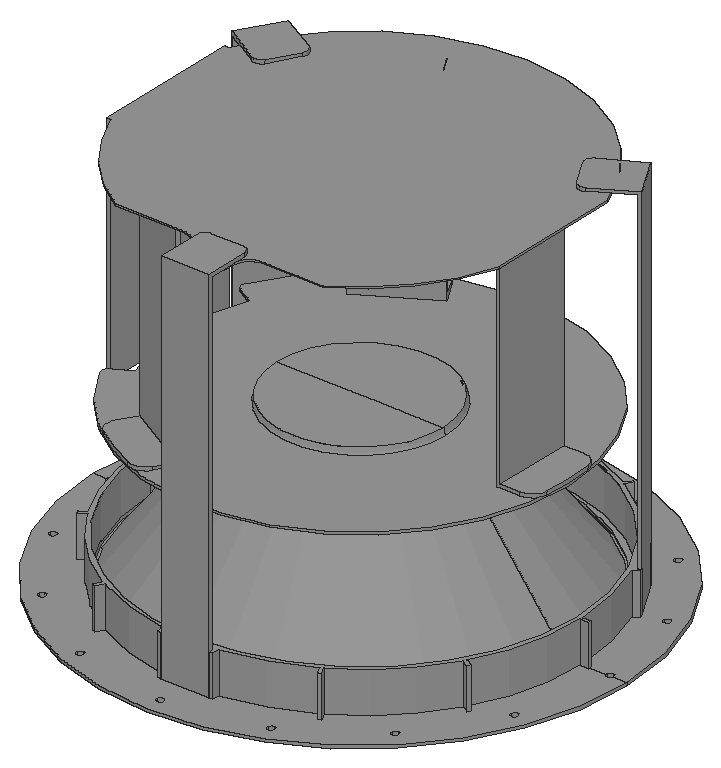
Revit family "Artemide_Tagora_Recessed_270", category Lighting Fixtures, Revit 2018
Family settings
  Round Connector Dimension = Use Diameter
  Part Type = Normal
  Work Plane-Based = Yes
  Always vertical = Yes
  Cut with Voids When Loaded = Yes
  Light Source = Yes
  Shared = No
  Room Calculation Point = No
Parameters (values of type "Tagora_Recessed_270_32°_4000K_White_M250721")
  Wattage = 34 W
  built-in parameter 1150110 = 1 (stored number, unit not read)
  Voltage = "-"
  built-in parameter 1114217 = 1 (stored number, unit not read)
  Tilt Angle = 90.00°
  built-in parameter 1150109 = 1 (stored number, unit not read)
  built-in parameter 1150134 = 12
  built-in parameter 1150113 = 1 (stored number, unit not read)
  Product Range = "Tagora"
  Photometric Web File = "M250721.IES"
  Max Height from ceiling = 0 mm
  M_Housing = Artemide_Aluminum_White
  M_Fixings = Artemide_Aluminum_Anodized
  M_Diffuser = Artemide_Glass_LightBulb
  built-in parameter 1150105 = 138.77 (stored number, unit not read)
  Lumens = 1743.86 lm
  built-in parameter 1150115 = 1 (stored number, unit not read)
  built-in parameter 1150137 = (empty or 0)
  built-in parameter 1150139 = (empty or 0)
  built-in parameter 1150112 = 1 (stored number, unit not read)
  built-in parameter 1150114 = 1 (stored number, unit not read)
  built-in parameter 1150132 = (empty or 0)
  built-in parameter 1150102 = (empty or 0)
  built-in parameter 1150107 = 4000 (stored number, unit not read)
  built-in parameter 1150138 = (empty or 0)
  built-in parameter 1150106 = 1.3877 (stored number, unit not read)
  IfcExportType = "NOT DEFINED"  # constant formula
  IfcExportAs = "IfcLightFixtureType"  # constant formula
  Weekly = "-"
  Warranty ID = "https://cloud.artemide.com/5-years-warranty"
  Upward Component  = 0
  Unified Glare Rating  = "-"
  Uniclass 2015 = "Pr_70_70_48"  # constant formula
  URL to O&M Manual = "https://www.artemide.com/contents/documenti/prodotto/tagora_incasso_270_instructions2508701.pdf"
  URL to Energy Technology List = "-"
  Trim Material = "Aluminium"
  Trim Finish = "Painted"
  Trim Colour  = "White"
  Total Power = 0
  Total Light Output  = 0
  Testing method = "-"
  Supply Phase = 0
  Suitable for Photocell Control = "-"
  Suitable for Motion Detector Control = "N"
  Suitable for Dimming  = "Y"
  Suitable Dimmer Type = "DALI"
  Standards = "-"
  Shipping Weight = 0
  Service life  = "-"
  Secondary Rated Lamp Life = 0
  Secondary Lamp Voltage = 0
  Secondary Lamp International Type Code = "-"
  Secondary Lamp Initial Lumens  = 0
  Secondary Lamp Included = "-"
  Secondary Lamp Efficacy = 0
  Secondary Lamp Colour Temperature = 0
  Secondary Lamp Colour Rendering Index = 0
  Secondary Lamp Cap = "-"
  Secondary Lamp = "-"
  Responsible Sourcing of Materials = "-"
  Responsible Extraction of Materials = "-"
  Reflector Material = "-"
  Reflector Finish = "-"
  Rated Lamp Life = 50000
  Quarterly = "-"
  Product Model Number = "M250721"
  Product Literature = "https://www.artemide.com/en/subfamily/1657780/tagora-recessed-270"
  Primary Lamp Type = "LED"
  Power Supply Kit = "-"
  Power Factor = 0
  Photocell = "-"
  Overall Width = 0
  Overall Light Output Ratio = 0
  Overall Length = 272
  Overall Height = 0
  Output Lumens Indirect light = 0
  Output Lumens Direct light = 1744
  Number of Secondary Lamps = 0
  Number of Primary Lamps = 1
  Number of Poles = 0
  Motion Sensor = "-"
  Motion Detector = "-"
  Monthly = "-"
  Minimum Operating Temperature = 0
  Maximum Operating Temperature = 0
  Material Ingredient Reporting = "-"
  Manufacturer Website = "https://www.artemide.com"
  Manufacturer = "Artemide"
  Maintenance Required: 8001-12000hrs  = "-"
  Maintenance Required: 601-1000hrs = "-"
  Maintenance Required: 4001-8000hrs  = "-"
  Maintenance Required: 301-600hrs  = "-"
  Maintenance Required: 2001-4000hrs  = "-"
  Maintenance Required: 1001-2000hrs  = "-"
  Maintenance Required: 0-300hrs  = "-"
  Luminance at 65deg Angle = 0
  Luminaire Type = "Downlight"
  Luminaire Maintenance Factor = 0
  Luminaire Cleaning Interval  = "-"
  Louvre/Lens = "-"
  Location of Manufacturer = "-"
  Light Output Pattern = "-"
  Light Fixture Mounting Type = "Recessed"
  Life Cycle Analysis = "-"
  Lamp Survival Factor = "-"
  Lamp Replacement Interval = "-"
  Lamp Included = "Y"
  Lamp Holder Material = "-"
  Lamp Cap = "LED Integrated"
  LED lifetime = 50000
  LED Maintained Colour Variation         = 0
  LED Initial Colour Variation                      = 0
  International Type Code = "-"
  Intended Market = "Unset"
  Integral Fuse or Circuit Protection  = "-"
  Integral Emergency Lighting Battery Type = "-"
  Input Lumens Indirect light = 0
  Input Lumens Direct light = 4054
  Initial Lumens = 1744
  Infills = "-"
  IP Rating = "IP20"
  IK Rating = "-"
  IES Files  = "https://www.artemide.com/product/downloadFile/1654638/ieseu/4887811"
  Housing Material = "Aluminium"
  Housing Finish  = "Painted"
  Housing Colour  = "White"
  Hazardous Area Protection Type = "-"
  Hazardous Area Category = "-"
  Gross Weight = 0
  Green Guide for Specification = "-"
  Gasket Material = "-"
  Frequency  = 0
  Fixings = "-"
  Fixing Material = "-"
  Fire Shroud = "-"
  Fire Rating Duration = 0
  Fire Rated Temperature = 0
  Fire Rated = "-"
  Features = "Any additional components/accessories included in this file are required to complete the product/configuration and must be ordered separately.Please check the catalogue/dedicated brochure for more information"
  Face Width = 0
  Face Shape = "Circular"
  Face Length = 0
  External Control Line Voltage = 0
  Expected Life = "-"
  Environmental Product Declaration = "-"
  End Caps/Transition Caps/Joints = "-"
  Emit from Circle Diameter = 130 mm
  Emit Shape Visible in Rendering = no
  Emergency light output percentage = 0
  Emergency Lighting Battery = "-"
  Emergency Charging Power       = 0
  Emergency = "N"
  Embodied Carbon  = 0
  Efficiency = 43
  built-in parameter 1150104 = 4.765 (stored number, unit not read)
  Efficacy_2 = 0
  Earth Point  = "-"
  ENEC Certification of European conformity = "N"
  Duration of Integral Emergency Lighting  = 0
  Drive Current                                          = 0
  Downward Component = 0
  Dimming Lamp Color Temperature Shift = <None>
  Diffusing screen = "-"
  Diffuser Material  = "-"
  Diffuser Finish = "-"
  Designed by = "S./R. Cornelissen"
  Default Elevation = 1219.2 mm
  Daylight Sensor = "-"
  Daily = "-"
  Cut Out Width = 292
  Cut Out Length = 24
  Current  = 0
  Control Gear Type = "-"
  Control Gear Standby Power  = 0
  Control Gear Required = "-"
  Control Gear Location = "-"
  Column = "-"
  Colour Temperature = 4000
  Colour Rendering Index = 90
  Color Filter = 16777215
  Cable Material = "-"
  CE Approval = "Y"
  Bespoke Timeframe = "-"
  Beam Angle Transverse Axis  = 0.00°
  Beam Angle Longditudinal Axis  = 0.00°
  Basis of lifetime luminaire failures        = 0
  Basis of lifetime lumen depreciation   = 0
  built-in parameter 1114218 = 1 (stored number, unit not read)
  built-in parameter 1150133 = 10 (stored number, unit not read)
  Application Environment = "Internal"
  Annually = "-"
  Ambient Temperature                             = 0
  Air Handling = "-"
  Access Clearance Top = 0
  Access Clearance Right = 0
  Access Clearance Rear = 0
  Access Clearance Left = 0
  Access Clearance Front = 0
  Access Clearance Bottom = 0
  6 Monthly = "-"
Types (16, lengths in mm): name | built-in parameter 1150134 | Photometric Web File | M_Housing | built-in parameter 1150105 | Lumens | built-in parameter 1150107 | built-in parameter 1150106 | Trim Colour  | Product Model Number | Output Lumens Direct light | Input Lumens Direct light | Initial Lumens | IES Files  | Housing Colour  | Efficiency | built-in parameter 1150104 | Colour Temperature
  Tagora_Recessed_270 _16°_ 3000K_ Orange_M250411 | (empty or 0) | "M250411.IES" | Artemide_Aluminum_Orange | 143.56 (stored number, unit not read) | 1804.04 lm | 3000 (stored number, unit not read) | 1.4356 (stored number, unit not read) | "Orange" | "M250411" | 1804 | 3798 | 1804 | "https://www.artemide.com/product/downloadFile/1652456/ieseu/4887815" | "Orange" | 47 | 4.9294 (stored number, unit not read) | 3000
  Tagora_Recessed_270_32°_3000K_Orange_M250611 | (empty or 0) | "M250611.IES" | Artemide_Aluminum_Orange | 130.17 (stored number, unit not read) | 1635.74 lm | 3000 (stored number, unit not read) | 1.3017 (stored number, unit not read) | "Orange" | "M250611" | 1636 | 3798 | 1636 | "https://www.artemide.com/product/downloadFile/3047468/ieseu/4887648" | "Orange" | 43 | 4.4696 (stored number, unit not read) | 3000
  Tagora_Recessed_270_32°_4000K_Orange_M250711 | 12 | "M250711.IES" | Artemide_Aluminum_Orange | 138.77 (stored number, unit not read) | 1743.86 lm | 4000 (stored number, unit not read) | 1.3877 (stored number, unit not read) | "Orange" | "M250711" | 1744 | 4054 | 1744 | "https://www.artemide.com/product/downloadFile/1654484/ieseu/4887737" | "Orange" | 43 | 4.765 (stored number, unit not read) | 4000
  Tagora_Recessed_270 _16°_ 3000K_ Blue_M250431 | (empty or 0) | "M250431.IES" | Artemide_Aluminum_Blue | 143.56 (stored number, unit not read) | 1804.04 lm | 3000 (stored number, unit not read) | 1.4356 (stored number, unit not read) | "Blue" | "M250431" | 1804 | 3798 | 1804 | "https://www.artemide.com/product/downloadFile/2508544/ieseu/4887901" | "Blue" | 47 | 4.9294 (stored number, unit not read) | 3000
  Tagora_Recessed_270 _16°_ 4000K_ Blue_M250531 | 12 | "M250531.IES" | Artemide_Aluminum_Blue | 153.27 (stored number, unit not read) | 1926.1 lm | 4000 (stored number, unit not read) | 1.5327 (stored number, unit not read) | "Blue" | "M250531" | 1926 | 4054 | 1926 | "https://www.artemide.com/product/downloadFile/2509390/ieseu/4887710" | "Blue" | 48 | 5.263 (stored number, unit not read) | 4000
  Tagora_Recessed_270_32°_3000K_Blue_M250631 | (empty or 0) | "M250631.IES" | Artemide_Aluminum_Blue | 130.17 (stored number, unit not read) | 1635.74 lm | 3000 (stored number, unit not read) | 1.3017 (stored number, unit not read) | "Blue" | "M250631" | 1636 | 3798 | 1636 | "https://www.artemide.com/product/downloadFile/2509618/ieseu/4887617" | "Blue" | 43 | 4.4696 (stored number, unit not read) | 3000
  Tagora_Recessed_270_32°_4000K_Blue_M250731 | 12 | "M250731.IES" | Artemide_Aluminum_Blue | 138.77 (stored number, unit not read) | 1743.86 lm | 4000 (stored number, unit not read) | 1.3877 (stored number, unit not read) | "Blue" | "M250731" | 1744 | 4054 | 1744 | "https://www.artemide.com/product/downloadFile/2509990/ieseu/4887896" | "Blue" | 43 | 4.765 (stored number, unit not read) | 4000
  Tagora_Recessed_270 _16°_ 3000K_Green_M250441 | (empty or 0) | "M250441.IES" | Artemide_Aluminum_Green | 143.56 (stored number, unit not read) | 1804.04 lm | 3000 (stored number, unit not read) | 1.4356 (stored number, unit not read) | "Green" | "M250441" | 1804 | 3798 | 1804 | "https://www.artemide.com/product/downloadFile/2506727/ieseu/4887980" | "Green" | 47 | 4.9294 (stored number, unit not read) | 3000
  Tagora_Recessed_270 _16°_ 4000K_ Green_M250541 | 12 | "M250541.IES" | Artemide_Aluminum_Green | 153.27 (stored number, unit not read) | 1926.1 lm | 4000 (stored number, unit not read) | 1.5327 (stored number, unit not read) | "Green" | "M250541" | 1926 | 4054 | 1926 | "https://www.artemide.com/product/downloadFile/2509216/ieseu/4887876" | "Green" | 48 | 5.263 (stored number, unit not read) | 4000
  Tagora_Recessed_270_32°_3000K_Green_M250641 | (empty or 0) | "M250641.IES" | Artemide_Aluminum_Green | 130.17 (stored number, unit not read) | 1635.74 lm | 3000 (stored number, unit not read) | 1.3017 (stored number, unit not read) | "Green" | "M250641" | 1636 | 3798 | 1636 | "https://www.artemide.com/product/downloadFile/1654170/ieseu/4887854" | "Green" | 43 | 4.4696 (stored number, unit not read) | 3000
  Tagora_Recessed_270_32°_4000K_Green_M250741 | 12 | "M250741.IES" | Artemide_Aluminum_Green | 138.77 (stored number, unit not read) | 1743.86 lm | 4000 (stored number, unit not read) | 1.3877 (stored number, unit not read) | "Green" | "M250741" | 1744 | 4054 | 1744 | "https://www.artemide.com/product/downloadFile/2509816/ieseu/4887663" | "Green" | 43 | 4.765 (stored number, unit not read) | 4000
  Tagora_Recessed_270 _16°_ 3000K_ White_M250421 | (empty or 0) | "M250421.IES" | Artemide_Aluminum_White | 143.56 (stored number, unit not read) | 1804.04 lm | 3000 (stored number, unit not read) | 1.4356 (stored number, unit not read) | "White" | "M250421" | 1804 | 3798 | 1804 | "https://www.artemide.com/product/downloadFile/1653571/ieseu/4887822" | "White" | 47 | 4.9294 (stored number, unit not read) | 3000
  Tagora_Recessed_270 _16°_ 4000K_ White_M250521 | 12 | "M250521.IES" | Artemide_Aluminum_White | 153.27 (stored number, unit not read) | 1926.1 lm | 4000 (stored number, unit not read) | 1.5327 (stored number, unit not read) | "White" | "M250521" | 1926 | 4054 | 1926 | "https://www.artemide.com/product/downloadFile/1653760/ieseu/4887798" | "White" | 48 | 5.263 (stored number, unit not read) | 4000
  Tagora_Recessed_270_32°_3000K_White_M250621 | (empty or 0) | "M250621.IES" | Artemide_Aluminum_White | 130.17 (stored number, unit not read) | 1635.74 lm | 3000 (stored number, unit not read) | 1.3017 (stored number, unit not read) | "White" | "M250621" | 1636 | 3798 | 1636 | "https://www.artemide.com/product/downloadFile/1654324/ieseu/4887836" | "White" | 43 | 4.4696 (stored number, unit not read) | 3000
  Tagora_Recessed_270_32°_4000K_White_M250721 | 12 | "M250721.IES" | Artemide_Aluminum_White | 138.77 (stored number, unit not read) | 1743.86 lm | 4000 (stored number, unit not read) | 1.3877 (stored number, unit not read) | "White" | "M250721" | 1744 | 4054 | 1744 | "https://www.artemide.com/product/downloadFile/1654638/ieseu/4887811" | "White" | 43 | 4.765 (stored number, unit not read) | 4000
  Tagora_Recessed_270 _16°_ 4000K_Orange_M250511 | 12 | "M250511.IES" | Artemide_Aluminum_Orange | 153.27 (stored number, unit not read) | 1926.1 lm | 4000 (stored number, unit not read) | 1.5327 (stored number, unit not read) | "Orange" | "M250511" | 1926 | 4054 | 1926 | "https://www.artemide.com/product/downloadFile/1653378/ieseu/4887849" | "Orange" | 48 | 5.263 (stored number, unit not read) | 4000
Reference planes
  plane 1 "Center (Front/Back)": y = 0
  plane 2: z = 0
  plane 3 "Center (Left/Right)": x = 0
  plane 4 "Bottom Internal Cone": z = 2
  plane 5 "Top Internal Cone": z = 107.721
  plane 6 "Top External Disc": z = 4
  plane 7 "Center L/T": z = 94.003
  plane 8 "Top Lamp": z = 241.501
  plane 9 "Light": z = 99.131
  plane 10 "Center L/W": z = 240.5
  plane 11 "Center L/X": z = 104
  plane 12 "Center L/Y": z = 102.5
  plane 13 "Center L/Z": z = 92.5
  plane 14 "Center L/AA": z = 30
  plane 15 "Center L/BB": z = 89.165
  plane 16 "Center L/CC": z = 243.529
  plane 17 "Center L/DD": z = 106
  plane 18 "Center L/EE": z = 238.5
Forms (mm)
  Revolve 1, solid, material "Artemide_Aluminum_White" <- "M_Housing"
    sketch origin (0, 0, 0) x (1, 0, 0) y (0, 0, 1)
      loop
        arc (-52.759, 107.721) -> (-57.678, 98.832) -> (-67.262, 95.462) r 14.281
        line (-67.262, 95.462) -> (-67.262, 94.003) -> (-61.067, 94.003)
        arc (-61.067, 94.003) -> (-54.579, 98.342) -> (-50.756, 105.148) r 16.781
        line (-50.756, 105.148) -> (0, 105.148) -> (0, 107.721) -> (-52.759, 107.721)
      axis (0, 94.003) -> (0, 107.721)
    angle from 0 to 360
  Revolve 2, solid, material "Artemide_Aluminum_White" <- "M_Housing"
    sketch origin (0, 0, 0) x (1, 0, 0) y (0, 0, 1)
      loop
        line (-74.996, 92.5) -> (-65.053, 92.5)
        arc (-65.053, 92.5) -> (-63.706, 91.661) -> (-63.866, 90.082) r 1.5
        line (-63.866, 90.082) -> (-131.996, 2) -> (-141.182, 2) -> (-141.182, 0) -> (-131.647, 0) -> (-62.679, 89.166)
        arc (-62.679, 89.166) -> (-62.359, 92.324) -> (-65.053, 94.003) r 3.001
        line (-65.053, 94.003) -> (-74.996, 94.003) -> (-74.996, 92.5)
      axis (0, 94.003) -> (0, 0)
    angle from 0 to 360
  Revolve 3, solid, material "Artemide_Glass_LightBulb" <- "M_Diffuser"
    sketch origin (0, 0, 0) x (1, 0, 0) y (0, 0, 1)
      loop
        arc (-65.053, 94.003) -> (-62.36, 92.322) -> (-62.68, 89.165) r 3.002
        line (-62.68, 89.165) -> (0, 89.165) -> (0, 94.003) -> (-65.053, 94.003)
      axis (0, 94.003) -> (0, 89.165)
    angle from 0 to 360
  Revolve 4, solid, material "Artemide_Aluminum_Anodized" <- "M_Fixings"
    sketch origin (0, 0, 0) x (1, 0, 0) y (0, 0, 1)
      loop
        line (-133.496, 2) -> (-133.496, 4) -> (-168.746, 4) -> (-168.746, 2) -> (-133.496, 2)
      axis (0, 4) -> (0, 2)
    angle from 0 to 360
  Extrusion 5, void
    sketch origin (0, 0, 0) x (1, 0, 0) y (0, 1, 0)
      loop
        circle (-158, 0) r 2.25
      loop
        circle (-145.973, 60.464) r 2.25
      loop
        circle (-111.723, 111.723) r 2.25
      loop
        circle (-60.464, 145.973) r 2.25
      loop
        circle (0, 158) r 2.25
      loop
        circle (60.464, 145.973) r 2.25
      loop
        circle (111.723, 111.723) r 2.25
      loop
        circle (145.973, 60.464) r 2.25
      loop
        circle (158, 0) r 2.25
      loop
        circle (145.973, -60.464) r 2.25
      loop
        circle (111.723, -111.723) r 2.25
      loop
        circle (60.464, -145.973) r 2.25
      loop
        circle (0, -158) r 2.25
      loop
        circle (-60.464, -145.973) r 2.25
      loop
        circle (-111.723, -111.723) r 2.25
      loop
        circle (-145.973, -60.464) r 2.25
    from 0 to 30
  Extrusion 6, solid, material "Artemide_Aluminum_Anodized" <- "M_Fixings"
    sketch origin (0, 0, 0) x (1, 0, 0) y (0, 1, 0)
      loop
        arc (-110.873, 82.964) -> (-118.865, 69.969) -> (-126.123, 56.55) r 274.78
        line (-126.123, 56.55) -> (-128.01, 57.639)
        arc (-128.01, 57.639) -> (-128.483, 56.556) -> (-128.947, 55.468) r 142
        line (-128.947, 55.468) -> (-125.217, 53.315)
        arc (-125.217, 53.315) -> (-133.064, 27.803) -> (-135.844, 1.257) r 137.727
        line (-135.844, 1.257) -> (-141.12, 1.257) -> (-141.12, -0.743) -> (-135.844, -0.743)
        arc (-135.844, -0.743) -> (-131.154, -35.39) -> (-117.892, -67.739) r 137.727
        line (-117.892, -67.739) -> (-122.462, -70.377) -> (-121.462, -72.109) -> (-116.892, -69.471)
        arc (-116.892, -69.471) -> (-95.508, -97.131) -> (-67.848, -118.515) r 137.727
        line (-67.848, -118.515) -> (-70.486, -123.085) -> (-68.754, -124.085) -> (-66.116, -119.515)
        arc (-66.116, -119.515) -> (-41.737, -130.381) -> (-15.719, -136.341) r 137.727
        line (-15.719, -136.341) -> (-15.719, -140.648)
        arc (-15.719, -140.648) -> (-14.545, -140.79) -> (-13.37, -140.922) r 142
        line (-13.37, -140.922) -> (-13.37, -138.743)
        arc (-13.37, -138.743) -> (1.88, -139.144) -> (17.13, -138.743) r 289.958
        line (17.13, -138.743) -> (17.13, -140.922)
        arc (17.13, -140.922) -> (18.305, -140.79) -> (19.479, -140.648) r 142
        line (19.479, -140.648) -> (19.479, -136.341)
        arc (19.479, -136.341) -> (45.496, -130.381) -> (69.875, -119.515) r 137.727
        line (69.875, -119.515) -> (72.514, -124.085) -> (74.246, -123.085) -> (71.607, -118.515)
        arc (71.607, -118.515) -> (99.267, -97.131) -> (120.652, -69.471) r 137.727
        line (120.652, -69.471) -> (125.221, -72.109) -> (126.221, -70.377) -> (121.652, -67.739)
        arc (121.652, -67.739) -> (134.914, -35.39) -> (139.603, -0.743) r 137.727
        line (139.603, -0.743) -> (144.88, -0.743) -> (144.88, 1.257) -> (139.603, 1.257)
        arc (139.603, 1.257) -> (136.824, 27.803) -> (128.977, 53.315) r 137.727
        line (128.977, 53.315) -> (132.707, 55.468)
        arc (132.707, 55.468) -> (132.242, 56.556) -> (131.769, 57.639) r 142
        line (131.769, 57.639) -> (129.882, 56.55)
        arc (129.882, 56.55) -> (122.624, 69.969) -> (114.632, 82.964) r 274.78
        line (114.632, 82.964) -> (116.519, 84.053)
        arc (116.519, 84.053) -> (115.817, 85.005) -> (115.108, 85.951) r 142
        line (115.108, 85.951) -> (111.377, 83.797)
        arc (111.377, 83.797) -> (93.207, 103.349) -> (71.607, 119.029) r 137.727
        line (71.607, 119.029) -> (74.246, 123.598) -> (72.514, 124.598) -> (69.875, 120.029)
        arc (69.875, 120.029) -> (37.526, 133.291) -> (2.88, 137.98) r 137.727
        line (2.88, 137.98) -> (2.88, 143.257) -> (0.88, 143.257) -> (0.88, 137.98)
        arc (0.88, 137.98) -> (-33.767, 133.291) -> (-66.116, 120.029) r 137.727
        line (-66.116, 120.029) -> (-68.754, 124.598) -> (-70.486, 123.598) -> (-67.848, 119.029)
        arc (-67.848, 119.029) -> (-89.448, 103.349) -> (-107.618, 83.797) r 137.727
        line (-107.618, 83.797) -> (-111.348, 85.951)
        arc (-111.348, 85.951) -> (-112.058, 85.005) -> (-112.76, 84.053) r 142
        line (-112.76, 84.053) -> (-110.873, 82.964)
      loop
        circle (1.88, 0.257) r 135.353
    from 4 to 30
  Extrusion 7, solid, material "Artemide_Aluminum_Anodized" <- "M_Fixings"
    sketch origin (0, 0, 0) x (1, 0, 0) y (0, 1, 0)
      loop
        line (-112.73, 83.747) -> (-127.73, 57.766) -> (-126.01, 56.773)
        arc (-126.01, 56.773) -> (-118.865, 69.969) -> (-111.01, 82.754) r 274.78
        line (-111.01, 82.754) -> (-112.73, 83.747)
      loop
        line (16.88, -140.743) -> (16.88, -138.757)
        arc (16.88, -138.757) -> (1.88, -139.167) -> (-13.12, -138.757) r 274.78
        line (-13.12, -138.757) -> (-13.12, -140.743) -> (16.88, -140.743)
      loop
        line (116.489, 83.747) -> (114.769, 82.754)
        arc (114.769, 82.754) -> (122.624, 69.969) -> (129.769, 56.773) r 274.78
        line (129.769, 56.773) -> (131.489, 57.766) -> (116.489, 83.747)
    from 2 to 241.501
  Extrusion 8, solid, material "Artemide_Aluminum_Anodized" <- "M_Fixings"
    sketch origin (0, 0, 0) x (1, 0, 0) y (0, 1, 0)
      loop
        arc (-118.37, -57.615) -> (131.647, 0) -> (-118.37, 57.615) r 131.647
        arc (-118.37, 57.615) -> (-118.649, 53.944) -> (-116.339, 51.077) r 5
        line (-116.339, 51.077) -> (-105.788, 45.098)
        arc (-105.788, 45.098) -> (-115, 0) -> (-105.788, -45.098) r 115
        line (-105.788, -45.098) -> (-116.339, -51.077)
        arc (-116.339, -51.077) -> (-118.649, -53.944) -> (-118.37, -57.615) r 5
    from 102.5 to 104
  Extrusion 9, solid, material "Artemide_Aluminum_Anodized" <- "M_Fixings"
    sketch origin (0, 0, 0) x (1, 0, 0) y (0, 1, 0)
      loop
        line (-123.12, 46.757) -> (-123.12, -46.243) -> (-120.525, -46.243)
        arc (-120.525, -46.243) -> (-98.525, -83.412) -> (-65.496, -111.243) r 129.092
        line (-65.496, -111.243) -> (-23.12, -111.243)
        arc (-23.12, -111.243) -> (-16.049, -114.172) -> (-13.12, -121.243) r 10
        line (-13.12, -121.243) -> (-13.12, -128.424)
        arc (-13.12, -128.424) -> (1.893, -129.078) -> (16.88, -127.984) r 129.092
        line (16.88, -127.984) -> (16.88, -121.243)
        arc (16.88, -121.243) -> (19.809, -114.172) -> (26.88, -111.243) r 10
        line (26.88, -111.243) -> (65.496, -111.243)
        arc (65.496, -111.243) -> (99.786, -81.899) -> (121.88, -42.545) r 129.092
        line (121.88, -42.545) -> (121.88, 42.545)
        arc (121.88, 42.545) -> (2.244, 129.073) -> (-120.327, 46.757) r 129.092
        line (-120.327, 46.757) -> (-123.12, 46.757)
    from 240.5 to 241.501
  Extrusion 10, solid, material "Artemide_Aluminum_Anodized" <- "M_Fixings"
    sketch origin (0, 0, 0) x (1, 0, 0) y (0, 1, 0)
      loop
        line (-127.73, 57.766) -> (-103.481, 43.766)
        arc (-103.481, 43.766) -> (-99.687, 43.267) -> (-96.651, 45.597) r 5
        line (-96.651, 45.597) -> (-86.651, 62.917)
        arc (-86.651, 62.917) -> (-86.151, 66.711) -> (-88.481, 69.747) r 5
        line (-88.481, 69.747) -> (-112.73, 83.747) -> (-127.73, 57.766)
      loop
        line (131.489, 57.766) -> (116.489, 83.747) -> (92.241, 69.747)
        arc (92.241, 69.747) -> (89.911, 66.711) -> (90.411, 62.917) r 5
        line (90.411, 62.917) -> (100.411, 45.597)
        arc (100.411, 45.597) -> (103.447, 43.267) -> (107.241, 43.766) r 5
        line (107.241, 43.766) -> (131.489, 57.766)
      loop
        line (16.88, -140.743) -> (16.88, -112.743)
        arc (16.88, -112.743) -> (15.415, -109.208) -> (11.88, -107.743) r 5
        line (11.88, -107.743) -> (-8.12, -107.743)
        arc (-8.12, -107.743) -> (-11.656, -109.208) -> (-13.12, -112.743) r 5
        line (-13.12, -112.743) -> (-13.12, -140.743) -> (16.88, -140.743)
    from 241.501 to 243.5
  Extrusion 11, solid, material "Artemide_Aluminum_Anodized" <- "M_Fixings"
    sketch origin (0, 0, 0) x (1, 0, 0) y (0, 1, 0)
      loop
        line (-123.12, 46.757) -> (-123.12, -46.243) -> (-120.62, -46.243) -> (-120.62, 46.757) -> (-123.12, 46.757)
    from 94.003 to 240.5
  Extrusion 12, solid, material "Artemide_Aluminum_Anodized" <- "M_Fixings"
    sketch origin (0, 0, 0) x (1, 0, 0) y (0, 1, 0)
      loop
        arc (130.65, 16.481) -> (127.349, 22.748) -> (120.725, 25.257) r 10
        line (120.725, 25.257) -> (106.145, 25.257) -> (106.145, -24.743) -> (120.725, -24.743)
        arc (120.725, -24.743) -> (127.349, -22.235) -> (130.65, -15.968) r 10
        arc (130.65, -15.968) -> (131.647, 0.257) -> (130.65, 16.481) r 132.5
      loop
        arc (-77.675, 105.999) -> (-81.452, 100.007) -> (-80.312, 93.016) r 10
        line (-80.312, 93.016) -> (-73.022, 80.389) -> (-29.721, 105.389) -> (-37.011, 118.016)
        arc (-37.011, 118.016) -> (-42.496, 122.499) -> (-49.573, 122.224) r 10
        arc (-49.573, 122.224) -> (-64.123, 114.975) -> (-77.675, 105.999) r 132.5
      loop
        arc (-77.675, -105.999) -> (-64.123, -114.975) -> (-49.573, -122.224) r 132.5
        arc (-49.573, -122.224) -> (-42.496, -122.499) -> (-37.011, -118.016) r 10
        line (-37.011, -118.016) -> (-29.721, -105.389) -> (-73.022, -80.389) -> (-80.312, -93.016)
        arc (-80.312, -93.016) -> (-81.452, -100.007) -> (-77.675, -105.999) r 10
    from 104 to 106
  Extrusion 13, solid, material "Artemide_Aluminum_Anodized" <- "M_Fixings"
    sketch origin (0, 0, 0) x (1, 0, 0) y (0, 1, 0)
      loop
        line (-73.022, 80.389) -> (-29.721, 105.389) -> (-30.721, 107.122) -> (-74.022, 82.122) -> (-73.022, 80.389)
      loop
        line (106.145, 25.257) -> (106.145, -24.743) -> (108.145, -24.743) -> (108.145, 25.257) -> (106.145, 25.257)
      loop
        line (-73.022, -80.389) -> (-74.022, -82.122) -> (-30.721, -107.122) -> (-29.721, -105.389) -> (-73.022, -80.389)
    from 106 to 238.5
  Extrusion 14, solid, material "Artemide_Aluminum_Anodized" <- "M_Fixings"
    sketch origin (0, 0, 0) x (1, 0, 0) y (0, 1, 0)
      loop
        arc (83.64, 16.481) -> (82.643, 0.257) -> (83.64, -15.968) r 132.5
        arc (83.64, -15.968) -> (86.941, -22.235) -> (93.565, -24.743) r 10
        line (93.565, -24.743) -> (108.145, -24.743) -> (108.145, 25.257) -> (93.565, 25.257)
        arc (93.565, 25.257) -> (86.941, 22.748) -> (83.64, 16.481) r 10
      loop
        arc (-54.17, 65.287) -> (-39.621, 72.536) -> (-26.068, 81.512) r 132.5
        arc (-26.068, 81.512) -> (-22.291, 87.504) -> (-23.431, 94.495) r 10
        line (-23.431, 94.495) -> (-30.721, 107.122) -> (-74.022, 82.122) -> (-66.732, 69.495)
        arc (-66.732, 69.495) -> (-61.248, 65.012) -> (-54.17, 65.287) r 10
      loop
        arc (-54.17, -65.287) -> (-61.248, -65.012) -> (-66.732, -69.495) r 10
        line (-66.732, -69.495) -> (-74.022, -82.122) -> (-30.721, -107.122) -> (-23.431, -94.495)
        arc (-23.431, -94.495) -> (-22.291, -87.504) -> (-26.068, -81.512) r 10
        arc (-26.068, -81.512) -> (-39.621, -72.536) -> (-54.17, -65.287) r 132.5
    from 238.5 to 240.5
  Extrusion 15, void
    sketch origin (0, 0, 0) x (1, 0, 0) y (0, 1, 0)
      loop
        circle (0, 0) r 141.182
    from 0 to 243.529
Cuts and joins
  Extrusion 5 cuts Revolve 4
  joined: Extrusion 7, Extrusion 10
  joined: Extrusion 9, Extrusion 11
  joined: Extrusion 12, Extrusion 13, Extrusion 14
Dimensions and locks
  locked: plane 6 "Top External Disc" to plane 4 "Bottom Internal Cone" at 2
  locked: plane 5 "Top Internal Cone" to plane 7 "Center L/T" at 13.718
  plane 8 "Top Lamp" to plane 2 = 241.501 mm
  locked: plane 5 "Top Internal Cone" to plane 9 "Light" at 8.59
  locked: plane 8 "Top Lamp" to plane 10 "Center L/W" at 1.001
  locked: plane 5 "Top Internal Cone" to plane 11 "Center L/X" at 3.721
  locked: plane 11 "Center L/X" to plane 12 "Center L/Y" at 1.5
  locked: plane 7 "Center L/T" to plane 13 "Center L/Z" at 1.503
  locked: plane 14 "Center L/AA" to plane 2 at 30
  locked: plane 4 "Bottom Internal Cone" to plane 2 at 2
  locked: plane 13 "Center L/Z" to plane 15 "Center L/BB" at 3.335
  locked: plane 17 "Center L/DD" to plane 11 "Center L/X" at 2
  locked: plane 10 "Center L/W" to plane 18 "Center L/EE" at 2
  aligned and locked: level to plane 2
  aligned and locked: plane 9 "Light" to imposter light
  aligned and locked: plane 3 "Center (Left/Right)" to imposter light
  aligned and locked: imposter light to plane 1 "Center (Front/Back)"
  aligned and locked: Revolve 1 sketch curve to plane 5 "Top Internal Cone"
  aligned and locked: Revolve 1 sketch curve to plane 7 "Center L/T"
  aligned and locked: plane 4 "Bottom Internal Cone" to Revolve 2 sketch curve
  aligned and locked: Revolve 2 sketch curve to plane 2
  aligned and locked: Revolve 2 sketch curve to plane 7 "Center L/T"
  aligned and locked: Revolve 2 sketch curve to plane 13 "Center L/Z"
  aligned and locked: Revolve 2 sketch curve to plane 3 "Center (Left/Right)"
  aligned and locked: Revolve 3 sketch curve to plane 7 "Center L/T"
  aligned and locked: Revolve 3 sketch curve to plane 3 "Center (Left/Right)"
  aligned and locked: Revolve 3 sketch curve to plane 15 "Center L/BB"
  aligned and locked: Revolve 4 sketch curve to plane 6 "Top External Disc"
  aligned and locked: plane 4 "Bottom Internal Cone" to Revolve 4 sketch curve
  aligned and locked: Revolve 4 sketch curve to plane 3 "Center (Left/Right)"
  aligned and locked: plane 14 "Center L/AA" to Extrusion 5
  aligned and locked: Extrusion 6 to plane 6 "Top External Disc"
  aligned and locked: plane 14 "Center L/AA" to Extrusion 6
  aligned and locked: Extrusion 7 to plane 4 "Bottom Internal Cone"
  aligned and locked: plane 11 "Center L/X" to Extrusion 8
  aligned and locked: Extrusion 11 to plane 7 "Center L/T"
  aligned and locked: Extrusion 12 to plane 11 "Center L/X"
  aligned and locked: plane 17 "Center L/DD" to Extrusion 12
  aligned and locked: Extrusion 13 to plane 17 "Center L/DD"
  aligned and locked: plane 18 "Center L/EE" to Extrusion 13
  aligned and locked: Extrusion 14 to plane 18 "Center L/EE"
  aligned and locked: plane 10 "Center L/W" to Extrusion 14
  aligned and locked: Extrusion 15 to plane 2
  aligned and locked: plane 16 "Center L/CC" to Extrusion 15
